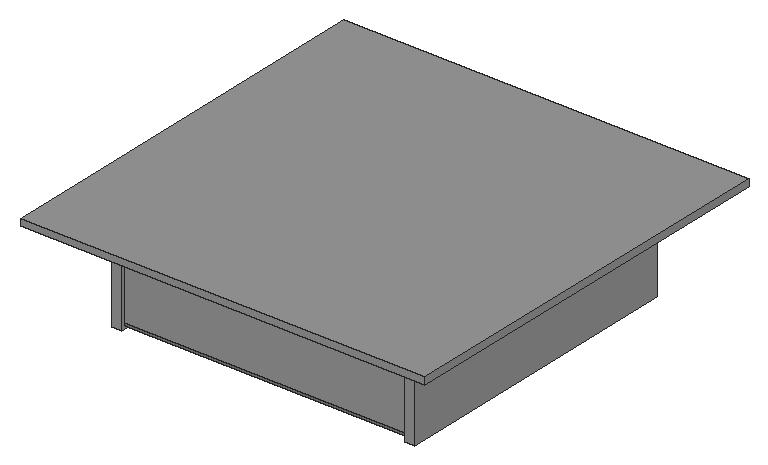
Revit family "Berica 2.0 M", category Lighting Fixtures, Revit 2020 (continued)
Definition of nested family "Light Source Berica 2.0"
  Types (4, lengths in mm): name | Photometric Web File | built-in parameter 1150142
      25.73 130.47 137.30 \r\n137.30 131.88 126.81 122.11 117.26 113.33 109.07 105.35 \r\n101.60 97.97 94.45 91.24 88.25 85.05 82.42 79.55 77.33 \r\n74.85 72.77 70.60 68.72 66.90 65.36 63.88 62.39 61.03 \r\n59.85 58.72 57.63 56.69 56.24 55.48 54.73 54.09 53.47 \r\n52.92 52.48 52.03 51.67 51.33 51.07 50.82 50.62 50.45 \r\n50.33 50.21 50.09 50.00 49.90 49.83 49.70 49.48 49.24 \r\n48.93 48.60 48.28 47.91 47.55 47.06 46.61 46.05 45.52 \r\n44.97 44.43 43.91 43.34 43.04 42.93 42.87 42.72 42.65 \r\n42.56 42.48 42.40 42.35 42.24 42.17 42.03 41.96 41.89 \r\n41.79 41.70 41.62 41.61 41.44 41.31 41.18 41.02 40.90 \r\n40.81 40.82 40.81 40.90 41.02 41.18 41.31 41.44 41.61 \r\n41.62 41.70 41.79 41.89 41.96 42.03 42.17 42.24 42.35 \r\n42.40 42.48 42.56 42.65 42.72 42.87 42.93 43.04 43.34 \r\n43.91 44.43 44.97 45.52 46.05 46.61 47.06 47.55 47.91 \r\n48.28 48.60 48.93 49.24 49.48 49.70 49.83 49.90 50.00 \r\n50.09 50.21 50.33 50.45 50.62 50.82 51.07 51.33 51.67 \r\n52.03 52.48 52.92 53.47 54.09 54.73 55.48 56.24 56.69 \r\n57.63 58.72 59.85 61.03 62.39 63.88 65.36 66.90 68.72 \r\n70.60 72.77 74.85 77.33 79.55 82.42 85.05 88.25 91.24 \r\n94.45 97.97 101.60 105.35 109.07 113.33 117.26 122.11 \r\n126.81 131.88 137.30 \r\n137.30 132.07 127.40 122.82 118.62 114.62 110.86 107.19 \r\n103.54 99.98 96.60 93.49 90.35 87.67 84.55 82.01 79.45 \r\n77.12 74.96 72.77 70.89 68.97 67.20 65.59 64.09 62.60 \r\n61.31 60.07 58.89 57.83 57.31 56.40 55.58 54.74 53.99 \r\n53.30 52.70 52.14 51.61 51.17 50.78 50.38 50.07 49.75 \r\n49.50 49.28 49.07 48.88 48.71 48.52 48.36 48.15 47.95 \r\n47.68 47.36 47.03 46.68 46.32 45.89 45.42 44.85 44.34 \r\n43.69 43.14 42.55 41.93 41.30 40.74 40.45 40.20 40.05 \r\n39.89 39.76 39.50 39.42 39.21 39.12 38.87 38.73 38.55 \r\n38.48 38.27 38.11 38.00 37.82 37.70 37.50 37.36 37.17 \r\n37.12 37.06 37.12 37.17 37.36 37.50 37.70 37.82 38.00 \r\n38.11 38.27 38.48 38.55 38.73 38.87 39.12 39.21 39.42 \r\n39.50 39.76 39.89 40.05 40.20 40.45 40.74 41.30 41.93 \r\n42.55 43.14 43.69 44.34 44.85 45.42 45.89 46.32 46.68 \r\n47.03 47.36 47.68 47.95 48.15 48.36 48.52 48.71 48.88 \r\n49.07 49.28 49.50 49.75 50.07 50.38 50.78 51.17 51.61 \r\n52.14 52.70 53.30 53.99 54.74 55.58 56.40 57.31 57.83 \r\n58.89 60.07 61.31 62.60 64.09 65.59 67.20 68.97 70.89 \r\n72.77 74.96 77.12 79.45 82.01 84.55 87.67 90.35 93.49 \r\n96.60 99.98 103.54 107.19 110.86 114.62 118.62 122.82 \r\n127.40 132.07 137.30 \r\n137.30 132.55 128.23 124.22 120.37 116.53 112.95 109.25 \r\n105.89 102.51 99.34 96.48 93.33 90.57 87.62 85.14 82.36 \r\n80.06 77.81 75.70 73.52 71.72 69.84 68.11 66.48 64.85 \r\n63.40 62.00 60.74 59.49 58.95 57.86 56.90 55.94 55.09 \r\n54.18 53.45 52.73 52.08 51.47 50.85 50.34 49.88 49.45 \r\n49.03 48.66 48.31 48.01 47.74 47.49 47.24 46.95 46.69 \r\n46.42 46.11 45.78 45.46 45.07 44.67 44.20 43.73 43.18 \r\n42.58 41.96 41.31 40.64 39.98 39.31 38.65 38.03 37.52 \r\n37.27 36.99 36.69 36.45 36.20 35.98 35.72 35.49 35.19 \r\n34.92 34.73 34.50 34.27 34.05 33.82 33.62 33.41 33.21 \r\n33.11 33.08 33.11 33.21 33.41 33.62 33.82 34.05 34.27 \r\n34.50 34.73 34.92 35.19 35.49 35.72 35.98 36.20 36.45 \r\n36.69 36.99 37.27 37.52 38.03 38.65 39.31 39.98 40.64 \r\n41.31 41.96 42.58 43.18 43.73 44.20 44.67 45.07 45.46 \r\n45.78 46.11 46.42 46.69 46.95 47.24 47.49 47.74 48.01 \r\n48.31 48.66 49.03 49.45 49.88 50.34 50.85 51.47 52.08 \r\n52.73 53.45 54.18 55.09 55.94 56.90 57.86 58.95 59.49 \r\n60.74 62.00 63.40 64.85 66.48 68.11 69.84 71.72 73.52 \r\n75.70 77.81 80.06 82.36 85.14 87.62 90.57 93.33 96.48 \r\n99.34 102.51 105.89 109.25 112.95 116.53 120.37 124.22 \r\n128.23 132.55 137.30 \r\n137.30 132.88 129.03 125.33 121.75 118.13 114.90 111.60 \r\n108.34 105.38 102.17 99.26 96.34 93.69 90.82 88.37 85.79 \r\n83.46 80.99 78.82 76.76 74.71 72.84 70.96 69.28 67.55 \r\n65.98 64.41 63.04 61.61 60.85 59.62 58.56 57.46 56.44 \r\n55.46 54.55 53.73 52.84 52.11 51.35 50.66 49.97 49.37 \r\n48.78 48.25 47.73 47.30 46.85 46.43 46.05 45.68 45.32 \r\n44.99 44.63 44.31 43.97 43.60 43.22 42.80 42.36 41.80 \r\n41.31 40.65 40.05 39.36 38.65 37.85 37.12 36.43 35.66 \r\n34.97 34.32 33.94 33.52 33.14 32.72 32.41 32.01 31.67 \r\n31.34 30.94 30.63 30.31 29.97 29.72 29.45 29.22 28.97 \r\n28.80 28.83 28.80 28.97 29.22 29.45 29.72 29.97 30.31 \r\n30.63 30.94 31.34 31.67 32.01 32.41 32.72 33.14 33.52 \r\n33.94 34.32 34.97 35.66 36.43 37.12 37.85 38.65 39.36 \r\n40.05 40.65 41.31 41.80 42.36 42.80 43.22 43.60 43.97 \r\n44.31 44.63 44.99 45.32 45.68 46.05 46.43 46.85 47.30 \r\n47.73 48.25 48.78 49.37 49.97 50.66 51.35 52.11 52.84 \r\n53.73 54.55 55.46 56.44 57.46 58.56 59.62 60.85 61.61 \r\n63.04 64.41 65.98 67.55 69.28 70.96 72.84 74.71 76.76 \r\n78.82 80.99 83.46 85.79 88.37 90.82 93.69 96.34 99.26 \r\n102.17 105.38 108.34 111.60 114.90 118.13 121.75 125.33 \r\n129.03 132.88 137.30 \r\n137.30 133.45 130.26 126.95 123.76 120.38 117.30 114.31 \r\n111.21 108.50 105.59 102.93 99.98 97.42 94.77 92.22 89.65 \r\n87.40 85.03 82.81 80.68 78.50 76.70 74.68 72.86 71.03 \r\n69.38 67.68 66.14 64.57 63.63 62.30 60.97 59.72 58.53 \r\n57.47 56.34 55.27 54.37 53.39 52.48 51.64 50.75 49.99 \r\n49.18 48.48 47.80 47.13 46.48 45.89 45.35 44.76 44.25 \r\n43.75 43.31 42.86 42.44 42.04 41.60 41.19 40.77 40.28 \r\n39.81 39.20 38.67 37.97 37.31 36.53 35.75 34.91 34.09 \r\n33.26 32.41 31.55 30.83 30.28 29.64 29.16 28.62 28.17 \r\n27.64 27.15 26.76 26.32 25.95 25.47 25.22 24.83 24.63 \r\n24.42 24.41 24.42 24.63 24.83 25.22 25.47 25.95 26.32 \r\n26.76 27.15 27.64 28.17 28.62 29.16 29.64 30.28 30.83 \r\n31.55 32.41 33.26 34.09 34.91 35.75 36.53 37.31 37.97 \r\n38.67 39.20 39.81 40.28 40.77 41.19 41.60 42.04 42.44 \r\n42.86 43.31 43.75 44.25 44.76 45.35 45.89 46.48 47.13 \r\n47.80 48.48 49.18 49.99 50.75 51.64 52.48 53.39 54.37 \r\n55.27 56.34 57.47 58.53 59.72 60.97 62.30 63.63 64.57 \r\n66.14 67.68 69.38 71.03 72.86 74.68 76.70 78.50 80.68 \r\n82.81 85.03 87.40 89.65 92.22 94.77 97.42 99.98 102.93 \r\n105.59 108.50 111.21 114.31 117.30 120.38 123.76 126.95 \r\n130.26 133.45 137.30 \r\n137.30 134.00 131.19 128.24 125.31 122.76 119.58 117.14 \r\n114.40 111.70 109.05 106.53 103.88 101.63 98.98 96.48 \r\n94.16 91.69 89.63 87.34 85.20 83.04 80.98 78.95 77.17 \r\n75.03 73.42 71.60 69.85 68.23 67.05 65.61 64.17 62.71 \r\n61.30 60.03 58.70 57.56 56.30 55.25 54.13 53.05 52.01 \r\n51.09 50.18 49.19 48.32 47.45 46.67 45.84 45.06 44.33 \r\n43.58 42.86 42.25 41.55 40.99 40.40 39.82 39.25 38.77 \r\n38.22 37.74 37.19 36.61 36.03 35.37 34.64 33.93 33.08 \r\n32.27 31.35 30.41 29.53 28.59 27.73 26.81 26.02 25.34 \r\n24.64 23.92 23.36 22.78 22.26 21.72 21.21 20.80 20.39 \r\n20.10 19.87 19.84 19.87 20.10 20.39 20.80 21.21 21.72 \r\n22.26 22.78 23.36 23.92 24.64 25.34 26.02 26.81 27.73 \r\n28.59 29.53 30.41 31.35 32.27 33.08 33.93 34.64 35.37 \r\n36.03 36.61 37.19 37.74 38.22 38.77 39.25 39.82 40.40 \r\n40.99 41.55 42.25 42.86 43.58 44.33 45.06 45.84 46.67 \r\n47.45 48.32 49.19 50.18 51.09 52.01 53.05 54.13 55.25 \r\n56.30 57.56 58.70 60.03 61.30 62.71 64.17 65.61 67.05 \r\n68.23 69.85 71.60 73.42 75.03 77.17 78.95 80.98 83.04 \r\n85.20 87.34 89.63 91.69 94.16 96.48 98.98 101.63 103.88 \r\n106.53 109.05 111.70 114.40 117.14 119.58 122.76 125.31 \r\n128.24 131.19 134.00 137.30 \r\n137.30 134.67 132.40 129.99 127.49 125.13 122.73 120.35 \r\n117.89 115.64 113.10 110.81 108.54 106.18 103.73 101.40 \r\n99.21 96.97 94.91 92.60 90.49 88.43 86.43 84.38 82.44 \r\n80.37 78.47 76.51 74.76 72.86 71.62 69.97 68.32 66.76 \r\n65.11 63.74 62.20 60.84 59.40 58.14 56.81 55.57 54.33 \r\n53.16 51.92 50.81 49.68 48.67 47.65 46.61 45.64 44.65 \r\n43.74 42.78 41.88 41.07 40.21 39.37 38.58 37.81 37.03 \r\n36.33 35.56 34.87 34.16 33.46 32.84 32.12 31.36 30.60 \r\n29.79 28.99 28.09 27.13 26.14 25.17 24.18 23.19 22.19 \r\n21.30 20.36 19.62 18.85 18.16 17.55 16.91 16.43 15.93 \r\n15.60 15.35 15.23 15.35 15.60 15.93 16.43 16.91 17.55 \r\n18.16 18.85 19.62 20.36 21.30 22.19 23.19 24.18 25.17 \r\n26.14 27.13 28.09 28.99 29.79 30.60 31.36 32.12 32.84 \r\n33.46 34.16 34.87 35.56 36.33 37.03 37.81 38.58 39.37 \r\n40.21 41.07 41.88 42.78 43.74 44.65 45.64 46.61 47.65 \r\n48.67 49.68 50.81 51.92 53.16 54.33 55.57 56.81 58.14 \r\n59.40 60.84 62.20 63.74 65.11 66.76 68.32 69.97 71.62 \r\n72.86 74.76 76.51 78.47 80.37 82.44 84.38 86.43 88.43 \r\n90.49 92.60 94.91 96.97 99.21 101.40 103.73 106.18 108.54 \r\n110.81 113.10 115.64 117.89 120.35 122.73 125.13 127.49 \r\n129.99 132.40 134.67 137.30 \r\n137.30 135.31 133.46 131.59 129.76 127.78 125.77 123.79 \r\n121.73 119.76 117.66 115.56 113.40 111.24 109.06 107.03 \r\n105.08 102.92 100.76 98.63 96.60 94.57 92.58 90.48 88.51 \r\n86.49 84.68 82.55 80.71 78.75 77.13 75.29 73.47 71.73 \r\n70.14 68.41 66.79 65.20 63.51 62.07 60.44 59.09 57.60 \r\n56.14 54.77 53.35 52.08 50.75 49.52 48.24 47.01 45.79 \r\n44.66 43.47 42.36 41.25 40.19 39.05 38.07 37.05 36.05 \r\n35.07 34.02 33.11 32.15 31.27 30.25 29.41 28.49 27.58 \r\n26.66 25.77 24.91 24.02 23.06 22.07 21.09 19.97 19.02 \r\n17.91 16.95 16.01 15.08 14.27 13.48 12.80 12.14 11.63 \r\n11.15 10.91 10.81 10.91 11.15 11.63 12.14 12.80 13.48 \r\n14.27 15.08 16.01 16.95 17.91 19.02 19.97 21.09 22.07 \r\n23.06 24.02 24.91 25.77 26.66 27.58 28.49 29.41 30.25 \r\n31.27 32.15 33.11 34.02 35.07 36.05 37.05 38.07 39.05 \r\n40.19 41.25 42.36 43.47 44.66 45.79 47.01 48.24 49.52 \r\n50.75 52.08 53.35 54.77 56.14 57.60 59.09 60.44 62.07 \r\n63.51 65.20 66.79 68.41 70.14 71.73 73.47 75.29 77.13 \r\n78.75 80.71 82.55 84.68 86.49 88.51 90.48 92.58 94.57 \r\n96.60 98.63 100.76 102.92 105.08 107.03 109.06 111.24 \r\n113.40 115.56 117.66 119.76 121.73 123.79 125.77 127.78 \r\n129.76 131.59 133.46 135.31 137.30 \r\n137.30 135.97 134.65 133.36 132.00 130.51 129.11 127.52 \r\n125.89 124.34 122.51 120.86 118.96 117.16 115.28 113.38 \r\n111.43 109.48 107.63 105.58 103.73 101.65 99.74 97.71 \r\n95.72 93.73 91.79 89.79 87.74 85.86 83.96 82.14 80.17 \r\n78.29 76.35 74.50 72.58 70.86 69.00 67.30 65.57 63.74 \r\n62.06 60.33 58.83 57.06 55.60 54.02 52.53 50.98 49.57 \r\n48.01 46.63 45.23 43.74 42.44 41.08 39.76 38.48 37.15 \r\n35.88 34.62 33.40 32.25 30.95 29.83 28.65 27.46 26.37 \r\n25.25 24.08 23.00 21.86 20.79 19.70 18.62 17.56 16.46 \r\n15.44 14.29 13.23 12.24 11.24 10.36 9.51 8.68 8.08 7.49 \r\n6.99 6.67 6.57 6.67 6.99 7.49 8.08 8.68 9.51 10.36 11.24 \r\n12.24 13.23 14.29 15.44 16.46 17.56 18.62 19.70 20.79 \r\n21.86 23.00 24.08 25.25 26.37 27.46 28.65 29.83 30.95 \r\n32.25 33.40 34.62 35.88 37.15 38.48 39.76 41.08 42.44 \r\n43.74 45.23 46.63 48.01 49.57 50.98 52.53 54.02 55.60 \r\n57.06 58.83 60.33 62.06 63.74 65.57 67.30 69.00 70.86 \r\n72.58 74.50 76.35 78.29 80.17 82.14 83.96 85.86 87.74 \r\n89.79 91.79 93.73 95.72 97.71 99.74 101.65 103.73 105.58 \r\n107.63 109.48 111.43 113.38 115.28 117.16 118.96 120.86 \r\n122.51 124.34 125.89 127.52 129.11 130.51 132.00 133.36 \r\n134.65 135.97 137.30 \r\n137.30 136.58 135.93 135.10 134.33 133.46 132.44 131.36 \r\n130.29 129.09 127.93 126.55 125.10 123.70 122.05 120.58 \r\n118.92 117.30 115.54 113.89 111.91 110.23 108.19 106.47 \r\n104.47 102.42 100.52 98.42 96.44 94.42 92.47 90.38 88.38 \r\n86.29 84.27 82.15 80.14 78.06 76.08 74.06 72.17 70.21 \r\n68.11 66.21 64.24 62.43 60.47 58.67 56.87 55.02 53.19 \r\n51.46 49.73 48.03 46.38 44.69 43.02 41.44 39.93 38.38 \r\n36.79 35.22 33.75 32.22 30.76 29.38 28.01 26.59 25.25 \r\n23.78 22.50 21.12 19.85 18.52 17.26 16.03 14.69 13.45 \r\n12.31 11.10 9.97 8.84 7.77 6.87 5.91 5.14 4.40 3.82 3.34 \r\n2.98 2.90 2.98 3.34 3.82 4.40 5.14 5.91 6.87 7.77 8.84 \r\n9.97 11.10 12.31 13.45 14.69 16.03 17.26 18.52 19.85 \r\n21.12 22.50 23.78 25.25 26.59 28.01 29.38 30.76 32.22 \r\n33.75 35.22 36.79 38.38 39.93 41.44 43.02 44.69 46.38 \r\n48.03 49.73 51.46 53.19 55.02 56.87 58.67 60.47 62.43 \r\n64.24 66.21 68.11 70.21 72.17 74.06 76.08 78.06 80.14 \r\n82.15 84.27 86.29 88.38 90.38 92.47 94.42 96.44 98.42 \r\n100.52 102.42 104.47 106.47 108.19 110.23 111.91 113.89 \r\n115.54 117.30 118.92 120.58 122.05 123.70 125.10 126.55 \r\n127.93 129.09 130.29 131.36 132.44 133.46 134.33 135.10 \r\n135.93 136.58 137.30 \r\n137.30 137.25 137.11 136.89 136.66 136.33 135.93 135.43 \r\n134.84 134.14 133.43 132.56 131.68 130.61 129.54 128.50 \r\n127.20 125.91 124.56 123.07 121.55 119.97 118.33 116.74 \r\n115.05 113.16 111.27 109.30 107.46 105.36 103.53 101.43 \r\n99.32 97.10 94.97 92.70 90.68 88.42 86.16 83.89 81.58 \r\n79.44 77.10 74.83 72.64 70.44 68.07 65.98 63.84 61.60 \r\n59.34 57.25 55.06 53.11 50.95 48.92 46.96 44.93 42.99 \r\n41.01 39.19 37.28 35.49 33.64 31.92 30.18 28.49 26.77 \r\n25.22 23.56 21.94 20.36 18.86 17.42 15.90 14.54 13.10 \r\n11.74 10.31 9.13 7.82 6.70 5.58 4.54 3.72 2.75 2.05 1.45 \r\n0.97 0.61 0.52 0.61 0.97 1.45 2.05 2.75 3.72 4.54 5.58 \r\n6.70 7.82 9.13 10.31 11.74 13.10 14.54 15.90 17.42 18.86 \r\n20.36 21.94 23.56 25.22 26.77 28.49 30.18 31.92 33.64 \r\n35.49 37.28 39.19 41.01 42.99 44.93 46.96 48.92 50.95 \r\n53.11 55.06 57.25 59.34 61.60 63.84 65.98 68.07 70.44 \r\n72.64 74.83 77.10 79.44 81.58 83.89 86.16 88.42 90.68 \r\n92.70 94.97 97.10 99.32 101.43 103.53 105.36 107.46 \r\n109.30 111.27 113.16 115.05 116.74 118.33 119.97 121.55 \r\n123.07 124.56 125.91 127.20 128.50 129.54 130.61 131.68 \r\n132.56 133.43 134.14 134.84 135.43 135.93 136.33 136.66 \r\n136.89 137.11 137.25 137.30 \r\n137.30 137.87 138.31 138.73 139.08 139.29 139.43 139.54 \r\n139.49 139.37 139.15 138.82 138.40 137.88 137.26 136.56 \r\n135.73 134.82 133.88 132.78 131.59 130.38 129.08 127.70 \r\n126.16 124.58 122.86 121.14 119.30 117.41 115.58 113.64 \r\n111.32 109.28 107.05 104.81 102.37 100.13 97.88 95.44 \r\n92.93 90.38 88.09 85.32 82.85 80.34 77.73 75.13 72.54 \r\n70.24 67.62 65.12 62.52 59.94 57.49 55.19 52.64 50.40 \r\n48.00 45.63 43.28 41.23 38.96 36.76 34.70 32.61 30.62 \r\n28.62 26.66 24.73 22.99 21.15 19.37 17.63 16.06 14.54 \r\n12.94 11.40 9.93 8.66 7.30 6.17 5.02 4.08 3.14 2.36 1.62 \r\n1.05 0.62 0.30 0.21 0.30 0.62 1.05 1.62 2.36 3.14 4.08 \r\n5.02 6.17 7.30 8.66 9.93 11.40 12.94 14.54 16.06 17.63 \r\n19.37 21.15 22.99 24.73 26.66 28.62 30.62 32.61 34.70 \r\n36.76 38.96 41.23 43.28 45.63 48.00 50.40 52.64 55.19 \r\n57.49 59.94 62.52 65.12 67.62 70.24 72.54 75.13 77.73 \r\n80.34 82.85 85.32 88.09 90.38 92.93 95.44 97.88 100.13 \r\n102.37 104.81 107.05 109.28 111.32 113.64 115.58 117.41 \r\n119.30 121.14 122.86 124.58 126.16 127.70 129.08 130.38 \r\n131.59 132.78 133.88 134.82 135.73 136.56 137.26 137.88 \r\n138.40 138.82 139.15 139.37 139.49 139.54 139.43 139.29 \r\n139.08 138.73 138.31 137.87 137.30 \r\n137.30 138.50 139.57 140.51 141.46 142.22 142.92 143.51 \r\n144.00 144.40 144.69 144.93 145.01 144.96 144.81 144.60 \r\n144.26 143.75 143.26 142.58 141.83 140.91 139.92 138.81 \r\n137.60 136.15 134.71 133.13 131.40 129.69 127.83 125.89 \r\n124.07 122.02 119.82 117.66 115.33 112.97 110.63 108.15 \r\n105.74 102.95 100.37 97.72 94.89 92.17 89.40 86.50 83.72 \r\n80.87 77.89 75.04 72.14 69.25 66.38 63.34 60.55 57.66 \r\n54.86 52.11 49.47 46.53 43.83 41.07 38.72 36.01 33.55 \r\n31.09 28.76 26.46 24.38 22.34 20.30 18.42 16.16 14.21 \r\n12.02 10.13 8.62 7.24 6.09 4.99 4.11 3.21 2.48 1.78 1.19 \r\n0.69 0.33 0.16 0.09 0.16 0.33 0.69 1.19 1.78 2.48 3.21 \r\n4.11 4.99 6.09 7.24 8.62 10.13 12.02 14.21 16.16 18.42 \r\n20.30 22.34 24.38 26.46 28.76 31.09 33.55 36.01 38.72 \r\n41.07 43.83 46.53 49.47 52.11 54.86 57.66 60.55 63.34 \r\n66.38 69.25 72.14 75.04 77.89 80.87 83.72 86.50 89.40 \r\n92.17 94.89 97.72 100.37 102.95 105.74 108.15 110.63 \r\n112.97 115.33 117.66 119.82 122.02 124.07 125.89 127.83 \r\n129.69 131.40 133.13 134.71 136.15 137.60 138.81 139.92 \r\n140.91 141.83 142.58 143.26 143.75 144.26 144.60 144.81 \r\n144.96 145.01 144.93 144.69 144.40 144.00 143.51 142.92 \r\n142.22 141.46 140.51 139.57 138.50 137.30 \r\n137.30 139.12 140.77 142.30 143.79 145.07 146.32 147.43 \r\n148.60 149.51 150.38 151.15 151.76 152.22 152.61 152.85 \r\n152.91 152.86 152.67 152.26 151.84 151.36 150.77 150.07 \r\n149.20 148.26 147.19 145.97 144.61 143.16 141.66 140.03 \r\n138.14 136.29 134.27 132.06 129.78 127.44 125.03 122.47 \r\n119.84 117.04 114.27 111.54 108.56 105.53 102.38 99.21 \r\n96.13 92.95 89.70 86.40 82.91 79.37 76.23 72.53 68.98 \r\n65.57 62.23 58.86 55.71 52.42 49.56 46.29 43.35 40.34 \r\n37.31 33.60 29.77 25.86 21.87 17.92 14.68 12.74 10.63 \r\n8.50 6.87 5.88 5.02 4.26 3.50 2.94 2.34 1.83 1.35 0.92 \r\n0.57 0.29 0.14 0.07 0.06 0.07 0.14 0.29 0.57 0.92 1.35 \r\n1.83 2.34 2.94 3.50 4.26 5.02 5.88 6.87 8.50 10.63 12.74 \r\n14.68 17.92 21.87 25.86 29.77 33.60 37.31 40.34 43.35 \r\n46.29 49.56 52.42 55.71 58.86 62.23 65.57 68.98 72.53 \r\n76.23 79.37 82.91 86.40 89.70 92.95 96.13 99.21 102.38 \r\n105.53 108.56 111.54 114.27 117.04 119.8
